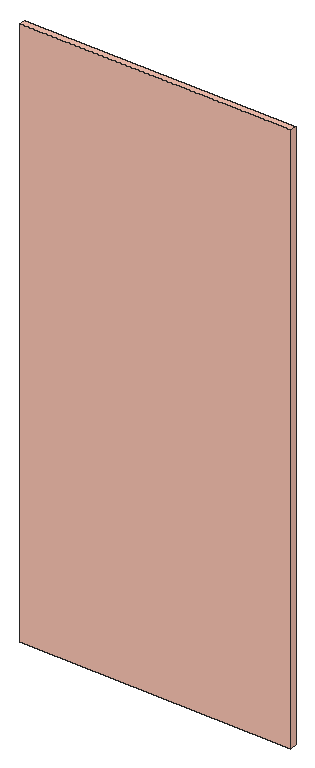
Revit family "EXP_WT-2_CPan-001", category Curtain Panels, Revit 2021
Family settings
  OmniClass Number = 23.25.20.14.11.11.17
  OmniClass Title = Infill Panels
  Always vertical = Yes
  Cut with Voids When Loaded = No
  Shared = No
Parameters
  UI-UnitNumber [instance] = "001"
  UI-Quadrant [instance] = "SE"
  UI-ProjectAbbreviation = "NEU"
  UI-ItemCategory = "PID"
  UI-FloorNumber [instance] = "03"
  PNT-WallType = "WT2"
  PNT-ProjectAbbreviation = "NEU"
  PNT-PanelType [instance] = "01"
  PNT-ItemCategory = "PDL"
  GlassSPH [instance] = 0' - 2 3/16"
  GlassH1 [instance] = IG-2F(Glass)
  Define Thermal Properties by = Schematic Type
  CellSp = 0' - 10 3/16"
  CellL [instance] = 7' - 10"
  CellH1 [instance] = CellH  # 15' - 11 1/2"
  CellH [instance] = 15' - 11 1/2"
  Analytic Construction = "<None>"
Reference planes (in)
  plane 1 "Center (Front/Back)": y = 0
  plane 2: z = 0
  plane 3 "Center (Left/Right)": x = 0
  plane 4 "Left": x = -47
  plane 5 "Right": x = 47
  plane 6 "Top": z = 191.5
  plane 7: y = -10.1875
Forms (in)
  Extrusion 1, solid, material "IG-2F(Glass)" <- "GlassH1", detail levels coarse+medium
    sketch origin (0, 0, 0) x (0, 1, 0) y (0, 0, 1)
      loop
        line (0, 191.5) -> (-10.1875, 191.5) -> (-10.1875, 0) -> (0, 0) -> (0, 191.5)
    from -47 to 47
Text (in)
  text "Exterior" at (-92.59733, 55.75508, 0), in view "Ref. Level"
  text "Exterior" at (0, 90.18664, 173.49264), in view "Left"
  text "Exterior" at (0, 52.29083, 162.21847), in view "Right"
Dimensions and locks (in)
  equal spacing: plane 4 "Left", plane 3 "Center (Left/Right)", plane 5 "Right"  (x2)
  "CellL": plane 4 "Left" to plane 5 "Right"
  "CellH": plane 2 to plane 6 "Top"
  "CellSp": plane 7 to plane 1 "Center (Front/Back)"
  aligned and locked: level to plane 2
  aligned and locked: Extrusion 1 sketch curve to level
  aligned and locked: Extrusion 1 sketch curve to plane 7
  aligned and locked: Extrusion 1 to plane 5 "Right"
  aligned and locked: plane 4 "Left" to Extrusion 1
  aligned and locked: Extrusion 1 to plane 6 "Top"
  aligned and locked: plane 1 "Center (Front/Back)" to nested 1
  aligned and locked: plane 5 "Right" to nested 1
  aligned and locked: nested 1 to plane 6 "Top"
  aligned and locked: Extrusion 1 to plane 2
  aligned and locked: plane 4 "Left" to nested 2
  aligned and locked: plane 5 "Right" to nested 2
  aligned and locked: plane 1 "Center (Front/Back)" to nested 2
  aligned and locked: nested 2 to plane 6 "Top"
  aligned and locked: plane 2 to nested 2
Automatic sketch dimensions
  Extrusion 1 sketch curve to plane 1 "Center (Front/Back)" = 0' - 0"
  level to Extrusion 1 sketch curve = 15' - 11 1/2"
Nested families (in)
  nested 1: "EXP_xx_DetO-002" at (0, 0, 0), CellH <- "CellH", CellL <- "CellL", type "EXP_xx_DetO-002", detail levels coarse
    with CellL 7' - 10", CellH 15' - 11 1/2"
  nested 2: "EXP_WT-1x_IG-001" at (0, 0, 95.75), GlassSP <- "GlassSPH", MaterialGlass <- "GlassH1", type "GlassSP = H"
    with MaterialGlass IG-2F(Glass), GlassSP 0' - 2 3/16", GlassL 7' - 8.12549", GlassH 15' - 8.62598", CellL 7' - 10", CellH 15' - 11 1/2"
Definition of nested family "EXP_WT-1x_IG-001"
  Parameters (values of type "H2 _ GlassSP = 1 1/4"")
    MaterialGlass [instance] = none
    GlassSP [instance] = 0' - 1 1/4"
    GlassL [instance] = CellL - (GlassD1 + GlassD3)  # 3' - 10.94439"
    GlassH [instance] = CellH - (GlassD2 + GlassD4)  # 6' - 6.64788"
    GlassD4 = 0' - 1.43701"
    GlassD3 = 0' - 0.93701"
    GlassD2 = 0' - 0 1/2"
    GlassD1 = 0' - 0 15/16"
    GMPI-ProjectAbbreviation = "NEU"
    GMPI-IteamCategory = "GLS"
    Default Elevation = 0' - 0"
    CellL [instance] = 4' - 0.8189"
    CellH [instance] = 6' - 8.58489"
  Types (12): name | GlassSP | GlassL | GlassH | GlassD4 | GlassD2 | GlassD1
    H2(x2) _ GlassSP = 2 1/8" | 0' - 2.12598" | 3' - 10.94488" | 6' - 6.64788" | 0' - 1.43701" | 0' - 0 1/2" | 0' - 0.93701"
    H1 _ GlassSP = 1 1/4" | 0' - 1 1/4" | 3' - 10.94439" | 6' - 6.89739" | 0' - 0 1/4" | 0' - 1 7/16" | 0' - 0 15/16"
    H2(x3) _ GlassSP = 2 1/8" | 0' - 2.12598" | 3' - 10.94488" | 6' - 7.83489" | 0' - 0 1/4" | 0' - 0 1/2" | 0' - 0.93701"
    H3 _ GlassSP = 1 1/4" | 0' - 1 1/4" | 3' - 10.94439" | 6' - 6.64788" | 0' - 1.43701" | 0' - 0 1/2" | 0' - 0 15/16"
    H _ GlassSP = 2 1/8" | 0' - 2.12598" | 3' - 10.94488" | 6' - 5.71088" | 0' - 1.43701" | 0' - 1.43701" | 0' - 0.93701"
    H _ GlassSP = 1 1/4" | 0' - 1 1/4" | 3' - 10.94439" | 6' - 5.71088" | 0' - 1.43701" | 0' - 1.43701" | 0' - 0 15/16"
    H2 _ GlassSP = 1 1/4" | 0' - 1 1/4" | 3' - 10.94439" | 6' - 6.64788" | 0' - 1.43701" | 0' - 0 1/2" | 0' - 0 15/16"
    GlassSP = H | 0' - 1 1/4" | 3' - 10.94439" | 6' - 5.71088" | 0' - 1.43701" | 0' - 1.43701" | 0' - 0 15/16"
    GlassSP = H3 | 0' - 1 1/4" | 3' - 10.94439" | 6' - 6.64788" | 0' - 1.43701" | 0' - 0 1/2" | 0' - 0 15/16"
    GlassSP = H2(x3) | 0' - 2.12598" | 3' - 10.94488" | 6' - 7.83489" | 0' - 0 1/4" | 0' - 0 1/2" | 0' - 0.93701"
    GlassSP = H2(x2) | 0' - 2.12598" | 3' - 10.94488" | 6' - 6.64788" | 0' - 1.43701" | 0' - 0 1/2" | 0' - 0.93701"
    GlassSP = H1 | 0' - 1 1/4" | 3' - 10.94439" | 6' - 6.89739" | 0' - 0 1/4" | 0' - 1 7/16" | 0' - 0 15/16"
  Reference planes (in)
    plane 1 "Center (Front/Back)": y = 0
    plane 2: z = 0
    plane 3 "Center (Left/Right)": x = 0
    plane 4: x = -24.40945
    plane 5: x = 24.40945
    plane 6: z = 40.29245
    plane 7: x = -23.47195
    plane 8: x = 23.47244
    plane 9: z = -40.29245
    plane 10: z = 39.79245
    plane 11: z = -38.85544
  Forms (in)
    Extrusion 1, solid, material <- "MaterialGlass"
      sketch origin (0, 0, 0) x (1, 0, 0) y (0, 0, 1)
        loop
          line (-23.47195, -38.85544) -> (23.47244, -38.85544) -> (23.47244, 39.79245) -> (-23.47195, 39.79245) -> (-23.47195, -38.85544)
      from 0 to 1.25 <- "GlassSP"
  Dimensions and locks (in)
    equal spacing: plane 6, level, plane 9
    "CellH": plane 6 to plane 9
    "GlassD2": plane 6 to plane 10
    "GlassD4": plane 11 to plane 9
    equal spacing: plane 4, plane 3 "Center (Left/Right)", plane 5
    "CellL": plane 4 to plane 5
    "GlassD1": plane 4 to plane 7
    "GlassD3": plane 5 to plane 8
    aligned and locked: level to plane 2
    aligned and locked: Extrusion 1 sketch curve to plane 11
    aligned and locked: Extrusion 1 sketch curve to plane 7
    aligned and locked: plane 10 to Extrusion 1 sketch curve
    aligned and locked: plane 8 to Extrusion 1 sketch curve
Definition of nested family "EXP_xx_DetO-002"
  Parameters (values of type "EXP_xx_DetO-002")
    Default Elevation = 0' - 0"
    CellL [instance] = 5' - 4.56693"
    CellH [instance] = 5' - 2.99213"
  Reference planes (in)
    plane 1 "Center (Front/Back)": y = 0
    plane 2: z = 0
    plane 3 "Center (Left/Right)": x = 0
    plane 4: x = -32.28346
    plane 5: x = 32.28346
    plane 6: z = 62.99213
  Lines and regions (in)
    model lines
      curve 1: line (-32.28346, 0, 62.99213) -> (32.28346, 0, 0)
      curve 2: line (32.28346, 0, 62.99213) -> (-32.28346, 0, 0)
  Dimensions and locks (in)
    "CellH": plane 6 to level
    equal spacing: plane 4, plane 3 "Center (Left/Right)", plane 5
    "CellL": plane 4 to plane 5
    aligned and locked: level to plane 2
  Automatic sketch dimensions
    curve 2 to level = 0' - 0"
    plane 4 to curve 2 = 0' - 0"
    plane 4 to curve 1 = 0' - 0"
    plane 5 to curve 2 = 0' - 0"
    curve 1 to level = 0' - 0"
    plane 5 to curve 1 = 0' - 0"
    curve 2 to plane 6 = 0' - 0"
    curve 1 to plane 6 = 0' - 0"
